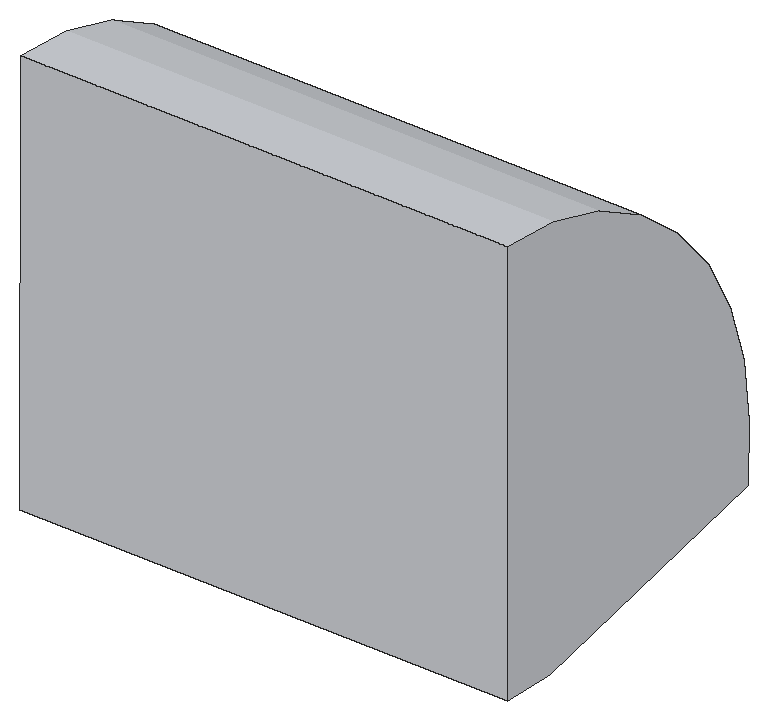
Revit family "DAN DRYER Stainless Design Mini Design 278", category Furniture Systems, host Wall, Revit 2018
Family settings
  Host = Wall
  Round Connector Dimension = Use Diameter
  Part Type = Normal
  Always vertical = Yes
  Cut with Voids When Loaded = No
  Shared = No
  Room Calculation Point = No
Parameters (values of type "Stål")
  Wicth = 254 mm
  URL = "http://www.dandryer.com/Files/Billeder/PDF/Datablade/Nye/Data%20sheet_%20Art.-No.%20278.pdf"
  Type Image = <None>
  Offset from Floor = 700 mm
  Model = "Stainless"
  Manufacturer = "http://www.dandryer.com/"
  Height = 212 mm
  Description = "Toilet paper roll holder, article no. 278"
  Cost = 0
Reference planes
  plane 1 "Wall": y = 0
  plane 2 "Center (Left/Right)": x = 125
  plane 3 "Back": y = 75
  plane 4 "Top": z = 700
  plane 5 "Bund": z = 488
  plane 6: x = 252
  plane 7: x = -2
Forms (mm)
  Extrusion 1, solid
    sketch origin (125, 0, 0) x (0, 1, 0) y (0, 0, 1)
      loop
        line (75, 488) -> (102.5, 488) -> (231.99, 519.484) -> (231.99, 549.168)
        arc (231.99, 549.168) -> (185.62, 658.021) -> (75, 700) r 150.953
        line (75, 700) -> (75, 488)
    from -127 to 127
  Extrusion 2, void
    sketch origin (125, 0, 0) x (0, 1, 0) y (0, 0, 1)
      loop
        line (117.1, 491.912) -> (208.623, 516.436) -> (202.828, 517.989) -> (114.651, 494.362) -> (117.1, 491.912)
    from -119.028 to 118.875
  Extrusion 3, solid
    sketch origin (125, 0, 0) x (0, 1, 0) y (0, 0, 1)
      loop
        line (202.828, 517.989) -> (115.894, 494.695) -> (117.596, 488.344) -> (204.53, 511.637) -> (202.828, 517.989)
    from 0 to 3
  Extrusion 4, solid
    sketch origin (125, 0, 0) x (0, 1, 0) y (0, 0, 1)
      loop
        line (204.53, 511.637) -> (202.828, 517.989) -> (115.894, 494.695) -> (117.596, 488.344) -> (204.53, 511.637)
    from -118 to -116
Cuts and joins
  Extrusion 2 cuts Extrusion 1
Text (mm)
  text "Placement Side" at (-1848.837, 1116.779, 0), in view "Ref. Level"
  text "Placement side" at (0, 1409.804, 2854.306), in view "Left"
  text "Placement side" at (0, 499.811, 2980.732), in view "Right"
Dimensions and locks
  locked: plane 3 "Back" to host wall
  "Height": plane 5 "Bund" to plane 4 "Top"
  equal spacing: plane 7, plane 2 "Center (Left/Right)", plane 6
  "Wicth": plane 7 to plane 6
  "Offset from Floor": level to plane 4 "Top"
  aligned and locked: plane 1 "Wall" to host wall
  aligned and locked: Extrusion 1 to plane 7
  aligned and locked: plane 6 to Extrusion 1
  aligned and locked: plane 4 "Top" to Extrusion 1 sketch curve
  aligned and locked: host wall to Extrusion 1 sketch curve
Automatic sketch dimensions
  Extrusion 1 sketch curve to plane 5 "Bund" = 0 mm
  host wall to Extrusion 1 sketch curve = 6.037 mm
  Extrusion 1 sketch curve to Extrusion 1 sketch curve = 27.5 mm
  plane 5 "Bund" to Extrusion 1 sketch curve = 31.484 mm
  plane 5 "Bund" to Extrusion 1 sketch curve = 61.168 mm
  plane 5 "Bund" to Extrusion 2 sketch curve = 3.912 mm
  host wall to Extrusion 2 sketch curve = 39.651 mm
  Extrusion 2 sketch curve to Extrusion 2 sketch curve = 2.449 mm
  plane 5 "Bund" to Extrusion 2 sketch curve = 6.362 mm
  Extrusion 2 sketch curve to Extrusion 2 sketch curve = 5.796 mm
  plane 5 "Bund" to Extrusion 2 sketch curve = 28.436 mm
  Extrusion 2 sketch curve to Extrusion 2 sketch curve = 1.553 mm
  Extrusion 2 sketch curve to Extrusion 2 sketch curve = 85.727 mm
  plane 5 "Bund" to Extrusion 3 sketch curve = 0.344 mm
  host wall to Extrusion 3 sketch curve = 42.596 mm
  plane 5 "Bund" to Extrusion 3 sketch curve = 23.637 mm
  plane 5 "Bund" to Extrusion 3 sketch curve = 6.695 mm
  Extrusion 3 sketch curve to Extrusion 3 sketch curve = 1.702 mm
  host wall to Extrusion 4 sketch curve = 127.828 mm
  plane 5 "Bund" to Extrusion 4 sketch curve = 6.695 mm
  host wall to Extrusion 4 sketch curve = 40.894 mm
  plane 5 "Bund" to Extrusion 4 sketch curve = 23.637 mm
  plane 5 "Bund" to Extrusion 4 sketch curve = 0.344 mm
